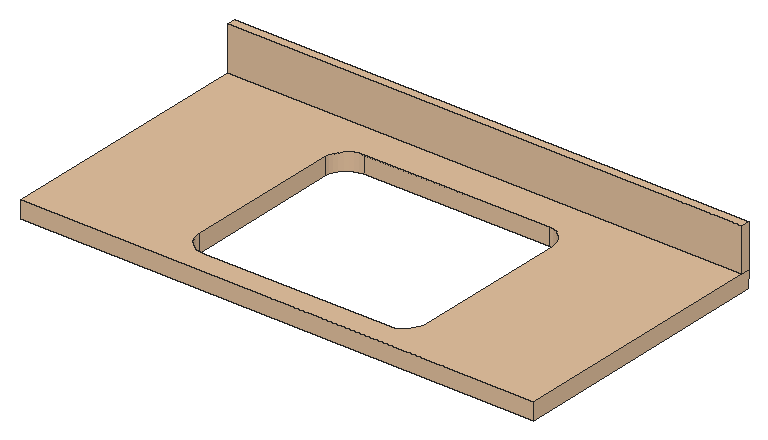
Revit family "Vanity Counter Top w Square Sink Hole (NZ)", category 케이스워크, Revit 2026
Family settings
  작업 기준면 기반 = 아니오
  항상 수직 = 예
  로드될 때 보이드를 사용하여 절단 = 아니오
  공유 = 예
  룸 계산 점 = 아니오
Parameters (values of type "600mm Depth")
  기본 높이 = 0 mm
  Counter Thickness = 40 mm
  Counter Top Material = none
  깊이 = 625 mm
  Height [instance] = 750 mm
  Length [instance] = 1200 mm
  Sink Location [instance] = 600 mm
  Sink Location To Wall [instance] = 115 mm
  Sink Opening Depth [instance] = 445 mm
  Sink Opening Width [instance] = 508 mm
Reference planes
  plane 1 "Back": y = 0
  plane 2: z = 0
  plane 3 "Left": x = -1268.725
  plane 4 "Right": x = -68.725
  plane 5 "Front": y = -625
  plane 6 "Top": z = 750
  plane 7: z = 710
  plane 8: y = -19.05
  plane 9: z = 851.6
  plane 10: x = -668.725
  plane 11: y = -115
  plane 12: x = -414.725
  plane 13: y = -560
  plane 14: x = -922.725
  plane 15: y = -102.3
  plane 16: x = -402.025
  plane 17: y = -572.7
  plane 18: x = -935.425
Forms (mm)
  Extrusion 1, solid, material <- "Counter Top Material"
    sketch origin (0, 0, 0) x (1, 0, 0) y (0, 1, 0)
      loop
        line (-1268.725, 0) -> (-1268.725, -625) -> (-68.725, -625) -> (-68.725, 0) -> (-1268.725, 0)
    from 710 to 750
  Extrusion 2, solid, material <- "Counter Top Material"
    sketch origin (0, 0, 0) x (1, 0, 0) y (0, 1, 0)
      loop
        line (-68.725, 0) -> (-1268.725, 0) -> (-1268.725, -19.05) -> (-68.725, -19.05) -> (-68.725, 0)
    from 750 to 851.6
  Extrusion 3, void
    sketch origin (0, 0, 0) x (1, 0, 0) y (0, 1, 0)
      loop
        line (-935.425, -153.1) -> (-935.425, -521.9)
        arc (-935.425, -521.9) -> (-920.546, -557.821) -> (-884.625, -572.7) r 50.8
        line (-884.625, -572.7) -> (-452.825, -572.7)
        arc (-452.825, -572.7) -> (-416.904, -557.821) -> (-402.025, -521.9) r 50.8
        line (-402.025, -521.9) -> (-402.025, -153.1)
        arc (-402.025, -153.1) -> (-416.904, -117.179) -> (-452.825, -102.3) r 50.8
        line (-452.825, -102.3) -> (-884.625, -102.3)
        arc (-884.625, -102.3) -> (-920.546, -117.179) -> (-935.425, -153.1) r 50.8
    from 710 to 750
Cuts and joins
  Extrusion 3 cuts Extrusion 1
  Extrusion 3 cuts Extrusion 2
Lines and regions (mm)
  Masking region 1
    outline origin (0, 0, 0) x (1, 0, 0) y (0, 1, 0)
      loop
        line (-1268.725, -625) -> (-68.725, -625) -> (-68.725, 0) -> (-1268.725, 0) -> (-1268.725, -625)
  symbolic lines, style "Counter Top"
    curve 1: line (-1268.725, -19.05, 0) -> (-68.725, -19.05, 0)
  symbolic lines, style "Sink Opening"
    curve 2: line (-871.925, -115, 0) -> (-465.525, -115, 0)
    curve 3: line (-922.725, -509.2, 0) -> (-922.725, -165.8, 0)
    curve 4: line (-465.525, -560, 0) -> (-871.925, -560, 0)
    curve 5: line (-414.725, -165.8, 0) -> (-414.725, -509.2, 0)
    curve 6: arc (-922.725, -165.8, 0) -> (-907.846, -129.879, 0) -> (-871.925, -115, 0) r 50.8
    curve 7: arc (-465.525, -115, 0) -> (-429.604, -129.879, 0) -> (-414.725, -165.8, 0) r 50.8
    curve 8: arc (-414.725, -509.2, 0) -> (-429.604, -545.121, 0) -> (-465.525, -560, 0) r 50.8
    curve 9: arc (-871.925, -560, 0) -> (-907.846, -545.121, 0) -> (-922.725, -509.2, 0) r 50.8
Dimensions and locks
  "깊이": plane 5 "Front" to plane 1 "Back"
  "Length": plane 3 "Left" to plane 4 "Right"
  "Height": level to plane 6 "Top"
  "Counter Thickness": plane 7 to plane 6 "Top"
  locked: plane 8 to plane 1 "Back" at 19.05
  plane 6 "Top" to plane 9 = 101.6 mm
  "Sink Opening Width": plane 14 to plane 12
  "Sink Opening Depth": plane 13 to plane 11
  "Sink Location": plane 3 "Left" to plane 10
  equal spacing: plane 14, plane 10, plane 12
  "Sink Location To Wall": plane 11 to plane 1 "Back"
  locked: plane 18 to plane 14 at 12.7
  locked: plane 12 to plane 16 at 12.7
  locked: plane 11 to plane 15 at 12.7
  locked: plane 13 to plane 17 at 12.7
  aligned and locked: Extrusion 1 sketch curve to plane 1 "Back"
  aligned and locked: plane 4 "Right" to Extrusion 1 sketch curve
  aligned and locked: plane 5 "Front" to Extrusion 1 sketch curve
  aligned and locked: Extrusion 1 sketch curve to plane 3 "Left"
  aligned and locked: plane 6 "Top" to Extrusion 1
  aligned and locked: Extrusion 1 to plane 7
  aligned and locked: plane 1 "Back" to Extrusion 2 sketch curve
  aligned and locked: Extrusion 2 sketch curve to plane 8
  aligned and locked: Extrusion 2 sketch curve to plane 4 "Right"
  aligned and locked: plane 3 "Left" to Extrusion 2 sketch curve
  aligned and locked: Extrusion 2 to plane 9
  aligned and locked: Extrusion 2 to plane 6 "Top"
  aligned and locked: curve 2 to plane 11
  aligned and locked: plane 12 to curve 5
  aligned and locked: plane 6 "Top" to Extrusion 3
  aligned and locked: Extrusion 1 to Extrusion 3
  aligned and locked: plane 18 to Extrusion 3 sketch curve
  aligned and locked: Extrusion 3 sketch curve to plane 15
  aligned and locked: plane 16 to Extrusion 3 sketch curve
  aligned and locked: plane 17 to Extrusion 3 sketch curve
  aligned: cut or joined group of Extrusion 1, Extrusion 3 to Masking region 1 sketch curve
  aligned: Masking region 1 sketch curve to cut or joined group of Extrusion 1, Extrusion 3  (x3)
Automatic sketch dimensions
  curve 6 to plane 14 = 0 mm
  curve 4 to plane 13 = 0 mm
  curve 1 to plane 8 = 0 mm
  plane 12 to curve 8 = 50.8 mm
  curve 2 to plane 14 = 50.8 mm
  plane 12 to curve 2 = 50.8 mm
  curve 4 to plane 14 = 50.8 mm
  Extrusion 3 sketch curve to plane 14 = 38.1 mm  (x2)
  plane 12 to Extrusion 3 sketch curve = 38.1 mm
  plane 11 to Extrusion 3 sketch curve = 38.1 mm
  curve 1 to plane 3 "Left" = 0 mm
  curve 1 to plane 4 "Right" = 0 mm
  Masking region 1 sketch curve to plane 1 "Back" = 0 mm
  Masking region 1 sketch curve to plane 3 "Left" = 0 mm
  Masking region 1 sketch curve to plane 4 "Right" = 0 mm
  Masking region 1 sketch curve to plane 5 "Front" = 0 mm
